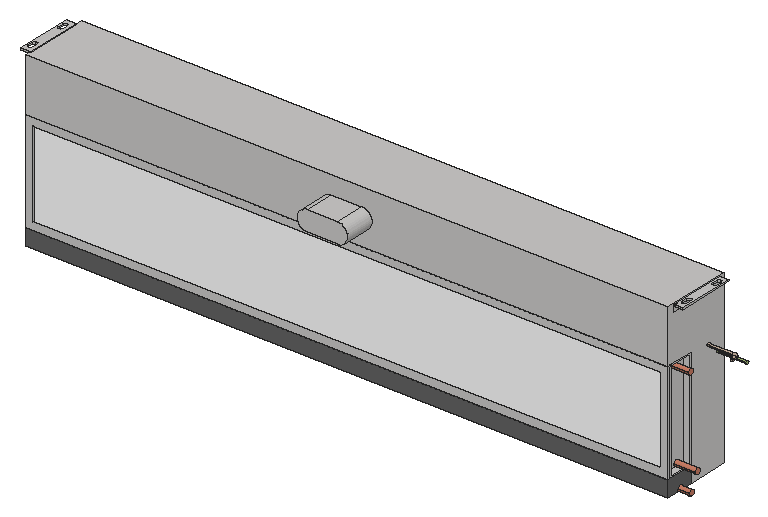
Revit family "HVAC-Chilled_Beam-Dadanco-ACB35", category Mechanical Equipment, Revit 2015
Parameters (values of type "6' Nominal Length")
  Zone Name [instance] = ""
  Zone ID [instance] = ""
  Weight = if(Nominal Unit Length = 2' 0", 27 lbf, if(Nominal Unit Length = 3' 0", 35 lbf, if(Nominal Unit Length = 4' 0", 42 lbf, if(Nominal Unit Length = 5' 0", 49 lbf, if(Nominal Unit Length = 6' 0", 56 lbf, 0 lbf)))))  # 56 lbf
  Unit Width = 0' - 7"  # constant formula
  Unit Weight = if(Nominal Unit Length = 2' 0", "27 lb", if(Nominal Unit Length = 3' 0", "35 lb", if(Nominal Unit Length = 4' 0", "42 lb", if(Nominal Unit Length = 5' 0", "49 lb", if(Nominal Unit Length = 6' 0", "56 lb", "0 lb")))))  # "56 lb"
  Unit Tag [instance] = ""
  Unit Length = if(Nominal Unit Length = 2' 0", 2' 0", if(Nominal Unit Length = 3' 0", 2' 8", if(Nominal Unit Length = 4' 0", 3' 4", if(Nominal Unit Length = 5' 0", 4' 4", if(Nominal Unit Length = 6' 0", 5' 4", 0' 0")))))  # 5' - 4"
  Unit Height = 1' - 5"  # constant formula
  URL = "http://www.dadanco.com/"
  Type Comments = "1-way Discharge Vertical Coil"
  Total Cooling Capacity = 0.0 Btu/h
  Supply Air = 0 CFM
  Sound Level dBA = ""
  Sound Level NC = ""
  Side Air Inlet [instance] = or(Primary Air Inlet Right, Primary Air Inlet Left)  # no
  Secondary Air Sensible Heating = 0.0 Btu/h
  Secondary Air Sensible Cooling = 0.0 Btu/h
  Screen Material = Metal-Dadanco-Aluminum-Screen
  SHHW Temperature = 0 °F
  SHHW Temp Out = 0 °F
  SHHW Pressure Drop [instance] = HWPD  # 0 Pa
  SHHW Flow [instance] = HWF  # 0 GPM
  SCHW Temperature = 0 °F
  SCHW Temp Out = 0 °F
  SCHW Pressure Drop [instance] = CWPD  # 0 Pa
  SCHW Flow [instance] = CWF  # 0 GPM
  Revision Date = "07/19/2010"  # constant formula
  Product Page URL = "http://www.activechilledbeam.com/efficient_air_conditioning.asp"
  Primary Air Static Pressure [instance] = PASP  # 0.00 in-wg
  Primary Air Inlet Size = 0' - 4"
  Primary Air Flow Rate [instance] = PA  # 0 CFM
  PASP = 0.00 in-wg
  PA = 0 CFM
  Overall Unit Length = Unit Length + 0' 2"  # 5' - 6"
  Nozzle Configuration = ""
  Nominal Unit Length = 6' - 0"
  Net Unit Heating Sensible = 0.0 Btu/h
  Net Unit Cooling Sensible = 0.0 Btu/h
  Model Number = ""
  Latent Cooling = 0.0 Btu/h
  Keynote = "23 37 00.A1"
  Heating Supply Air Temperature = 0 °F
  Heating Room Dry Bulb = 0 °F
  Heating Primary Air Dry Bulb = 0 °F
  HWPD = 0 Pa
  HWF = 0 GPM
  Front Back Air Inlet Height [instance] = Front Back Air Inlet Radius * 2  # 0' - 2"
  Side Air Inlet Round Radius = if(Primary Air Inlet Size = 0' 3", 0' 1 1/2", 0' 2")  # 0' - 2"
  Primary Air Inlet Right [instance] = no
  Front Back Air Inlet Radius = if(Primary Air Inlet Size = 0' 4", 0' 1", if(Primary Air Inlet Size = 0' 6", 0' 1 77/256", 0' 1"))  # 0' - 1"
  Front Back Air Inlet Length [instance] = if(Primary Air Inlet Size = 0' 4", 0' 5", if(Primary Air Inlet Size = 0' 6", 0' 7 205/256", 0' 5"))  # 0' - 5"
  Primary Air Inlet Left [instance] = no
  Primary Air Inlet Front [instance] = yes
  Primary Air Inlet Back [instance] = no
  Pipe Coil Outlet = if(and([4 Pipe Coil Configuration], [0.5 inch SWT Stub Coil Connection]), "4 Pipe Coi, 0.5 inch SWT Stub Coil Connection", if(and([2 Pipe Coil Configuration], [0.5 inch SWT Stub Coil Connection]), "2 Pipe Coi, 0.5 inch SWT Stub Coil Connection", if(and([4 Pipe Coil Configuration], [0.5 inch Male NPT Stub Coil Connection]), "4 Pipe Coi, 0.5 inch Male NPT Stub Coil Connection", if(and([2 Pipe Coil Configuration], [0.5 inch Male NPT Stub Coil Connection]), "2 Pipe Coi, 0.5 inch Male NPT Stub Coil Connection", if(and([4 Pipe Coil Configuration], [0.5 inch Female NPT Stub coil Connection]), "4 Pipe Coi, 0.5 inch Female NPT Stub Coil Connection", if(and([2 Pipe Coil Configuration], [0.5 inch Female NPT Stub coil Connection]), "2 Pipe Coi, 0.5 inch Female NPT Stub Coil Connection", "Not Specified"))))))  # "2 Pipe Coi, 0.5 inch SWT Stub Coil Connection"
  Pipe Coil Inlet = if(and([4 Pipe Coil Configuration], [0.5 inch SWT Stub Coil Connection]), "4 Pipe Coi, 0.5 inch SWT Stub Coil Connection", if(and([2 Pipe Coil Configuration], [0.5 inch SWT Stub Coil Connection]), "2 Pipe Coi, 0.5 inch SWT Stub Coil Connection", if(and([4 Pipe Coil Configuration], [0.5 inch Male NPT Stub Coil Connection]), "4 Pipe Coi, 0.5 inch Male NPT Stub Coil Connection", if(and([2 Pipe Coil Configuration], [0.5 inch Male NPT Stub Coil Connection]), "2 Pipe Coi, 0.5 inch Male NPT Stub Coil Connection", if(and([4 Pipe Coil Configuration], [0.5 inch Female NPT Stub coil Connection]), "4 Pipe Coi, 0.5 inch Female NPT Stub Coil Connection", if(and([2 Pipe Coil Configuration], [0.5 inch Female NPT Stub coil Connection]), "2 Pipe Coi, 0.5 inch Female NPT Stub Coil Connection", "Not Specified"))))))  # "2 Pipe Coi, 0.5 inch SWT Stub Coil Connection"
  Front Back Air Inlet [instance] = or(Primary Air Inlet Front, Primary Air Inlet Back)  # yes
  Drain Connection [instance] = yes
  Documentation Link = "http://www.dadanco.com/ACB/air_conditioning_literature.asp?productLineID=30"
  Drain Right [instance] = and(Drain, Coil Connection Right)  # yes
  Drain Left [instance] = and(Drain, Coil Connection Left)  # no
  Drain [instance] = Drain Connection  # yes
  Damper Lever Right [instance] = or(and(Primary Air Inlet Right, Damper), and(Primary Air Inlet Right, Damper), and(Front Back Air Inlet, Damper))  # yes
  Damper Lever Left [instance] = and(Damper, (not(Damper Lever Right)))  # no
  Cooling Supply Air Temperature = 0 °F
  Cooling Room Relative Humidity = 0
  Cooling Room Dry Bulb = 0 °F
  Cooling Primary Air Wet Bulb = 0 °F
  Cooling Primary Air Dry Bulb = 0 °F
  Comiss Tube Right [instance] = Coil Connection Right  # yes
  Comiss Tube Left [instance] = Coil Connection Left  # no
  Coil Connection Right [instance] = yes
  Coil Connection Left [instance] = not(Coil Connection Right)  # no
  Coil Length = if(Nominal Unit Length = 2' 0", 2' 0", if(Nominal Unit Length = 3' 0", 2' 8", if(Nominal Unit Length = 4' 0", 3' 4", if(Nominal Unit Length = 5' 0", 4' 4", if(Nominal Unit Length = 6' 0", 5' 4", 0' 0")))))  # 5' - 4"
  Model = "ACB35"  # constant formula
  Manufacturer = "Dadanco"  # constant formula
  Lint Screen = yes
  Housing Material = Metal-Dadanco-Steel-Galvanized
  Description = "Active Chilled Beam"  # constant formula
  Damper [instance] = yes
  Front Back Air Inlet Half Length [instance] = Front Back Air Inlet Length / 2  # 0' - 2 1/2"
  CWPD = 0 Pa
  CWF = 0 GPM
  Architectural Design Manual = "http://www.activechilledbeam.com/efficient_air_conditioning.asp"
  4 Pipe Coil Configuration Right [instance] = and([4 Pipe Coil Configuration], Coil Connection Right)  # no
  4 Pipe Coil Configuration Left [instance] = and([4 Pipe Coil Configuration], Coil Connection Left)  # no
  4 Pipe Coil Configuration = if([2 or 4 pipe] = 4, 1 = 1, 1 = 0)  # no
  2 or 4 pipe = 2
  2 Pipe Coil Configuration = if([2 or 4 pipe] = 2, 1 = 1, 1 = 0)  # yes
  Assembly Code = "D3040100"
  0.5 inch SWT Stub Coil Connection = not(or([0.5 inch Male NPT Stub Coil Connection], [0.5 inch Female NPT Stub coil Connection]))  # yes
  0.5 inch Male NPT Stub Coil Connection = no
  0.5 inch Female NPT Stub coil Connection = no
Reference planes (in)
  plane 1 "Center (Front/Back)": y = 5.39627
  plane 2 "Top of Coil Unit": z = -5.293
  plane 3 "Center (Left/Right)": x = 0.55581
  plane 4 "Nominal Right": x = 33.55581
  plane 5 "Back Face": y = 8.89627
  plane 6 "Front Face": y = 1.89627
  plane 7 "Top Face": z = 0
  plane 8 "Bottom Face": z = -17
  plane 9 "Nominal Left": x = -32.44419
  plane 10 "Left Face": x = -31.44419
  plane 11 "Right Face": x = 32.55581
  plane 12 "Back Face of Coil Unit": y = 4.74627
  plane 13 "Top of Drain Unit": z = -15.37
  plane 14 "Left End of Coil": x = -30.69419
  plane 15 "Right End of Coil": x = 31.80581
  plane 16 "Side Air Inlet Centerline": z = -2.75
  plane 17 "Front Back Air Inlet Centerline": z = -3.621
  plane 18 "Top Pipe Centerline Horizontal": z = -5.668
  plane 19 "Top Pipe Centerline Vertical": y = 2.89627
  plane 20 "Bottom Pipe Centerline Horizontal": z = -14.918
  plane 21 "Bottom Pipe Centerline Vertical": y = 3.74128
  plane 22 "4 Pipe Upper Centerline": z = -8.793
  plane 23 "4 Pipe Lower Centerline": z = -12.543
  plane 24 "Comiss Tube Centerline Horizontal": z = -6.535
  plane 25 "Comiss Tube Centerline Vertical": y = 8.01727
  plane 26 "Damper Level Centerline Vertical": y = 6.82127
  plane 27 "Damper Lever Centerline Horizontal": z = -5.441
  plane 28 "Top of Side Air Inlets": z = -0.75
  plane 29 "Bottom of Side Air Inlet": z = -4.75
  plane 30 "Left Edge of Front Back Air Inlet": x = -1.94419
  plane 31 "Right Edge of Front Back Air Inlet": x = 3.05581
  plane 32 "Bottom of Front Back Air Inlet": z = -3.75
  plane 33 "Top of Front Back Air Inlet": z = -1.75
Forms (in)
  Extrusion 1, solid, material "Metal-Dadanco-Steel-Galvanized" <- "Housing Material"
    sketch origin (0.55581, 0, -17) x (0, 1, 0) y (0, 0, 1)
      loop
        line (1.89627, 17) -> (1.89627, 11.707) -> (4.74627, 11.707) -> (4.74627, 0) -> (8.89627, 0) -> (8.89627, 17) -> (1.89627, 17)
    from -32 to 32
  Extrusion 2, solid, material "Metal-Dadanco-Steel-Galvanized Black Powder Coat Finish"
    sketch origin (0.55581, 0, -17) x (0, 1, 0) y (0, 0, 1)
      loop
        line (1.89627, 0) -> (4.74627, 0) -> (4.74627, 1.63) -> (1.89627, 1.63) -> (1.89627, 0)
    from -32 to 32
  Extrusion 3, solid, material "Metal-Dadanco-Steel-Galvanized" <- "Housing Material"
    sketch origin (-28.20106, 1.89627, 31) x (-1, 0, 0) y (0, 0, -1)
      loop
        line (3.24312, 46.37) -> (-60.75688, 46.37) -> (-60.75688, 36.293) -> (3.24312, 36.293) -> (3.24312, 46.37)
      loop
        line (2.49312, 45.62) -> (-60.00688, 45.62) -> (-60.00688, 37.043) -> (2.49312, 37.043) -> (2.49312, 45.62)
    from -0.25 to 0
  Extrusion 4, solid, material "Metal-Dadanco-Steel-Galvanized" <- "Housing Material"
    sketch origin (31.80581, -32.70874, 31) x (0, -1, 0) y (0, 0, 1)
      loop
        line (-34.85501, -46.37) -> (-34.85501, -36.293) -> (-37.45501, -36.293) -> (-37.45501, -46.37) -> (-34.85501, -46.37)
    from -0.75 to 63.25
  Extrusion 5, solid, material "Metal-Dadanco-Aluminum-Screen", visible <- "Lint Screen"
    sketch origin (-28.20106, 1.89627, 31) x (-1, 0, 0) y (0, 0, -1)
      loop
        line (2.49312, 45.62) -> (-60.00688, 45.62) -> (-60.00688, 37.043) -> (2.49312, 37.043) -> (2.49312, 45.62)
    from -0.25 to -0.125
  Extrusion 6, solid, material "Metal-Dadanco-Steel-Galvanized" <- "Housing Material", visible <- "Primary Air Inlet Left", detail levels medium+fine
    sketch origin (0.55581, 5.39627, -17) x (0, -1, 0) y (0, 0, 1)
      loop
        circle (0, 14.25) r 2
    from 32 to 35
  Extrusion 7, solid, material "Metal-Dadanco-Copper-Satin", visible <- "Drain Right", detail levels medium+fine
    sketch origin (0.55581, 5.39627, -17) x (0, 1, 0) y (0, 0, 1)
      loop
        circle (-2.075, 0.25) r 0.25
    from 32 to 33.25
  Extrusion 8, solid, material "Metal-Dadanco-Copper-Satin", visible <- "Coil Connection Right", detail levels medium+fine
    sketch origin (0.55581, 5.39627, -17) x (0, 1, 0) y (0, 0, 1)
      loop
        circle (-2.5, 11.332) r 0.25
    from 31.25 to 33.5
  Extrusion 9, solid, material "Metal-Dadanco-Copper-Satin", visible <- "Coil Connection Right", detail levels medium+fine
    sketch origin (0.55581, 5.39627, -17) x (0, 1, 0) y (0, 0, 1)
      loop
        circle (-1.65499, 2.082) r 0.25
    from 31.25 to 33.5
  Extrusion 10, solid, material "Metal-Dadanco-Copper-Satin", visible <- "4 Pipe Coil Configuration Right", detail levels medium+fine
    sketch origin (0.55581, 5.39627, -17) x (0, 1, 0) y (0, 0, 1)
      loop
        circle (-1.65499, 8.207) r 0.25
    from 31.25 to 33.5
  Extrusion 11, solid, material "Metal-Dadanco-Copper-Satin", visible <- "4 Pipe Coil Configuration Right", detail levels medium+fine
    sketch origin (0.55581, 5.39627, -17) x (0, 1, 0) y (0, 0, 1)
      loop
        circle (-1.65499, 4.457) r 0.25
    from 31.25 to 33.5
  Extrusion 12, solid, material "Metal-Dadanco-Copper-Platina", visible <- "Comiss Tube Right", detail levels medium+fine
    sketch origin (32.55581, -4.5755, 19) x (0, 1, 0) y (0, 0, -1)
      loop
        circle (12.59277, 25.535) r 0.125
    from -3 to 0
  Extrusion 13, solid, material "Metal-Dadanco-Steel-Galvanized" <- "Housing Material", visible <- "Primary Air Inlet Front"
    sketch origin (0.30581, 5.39627, -17) x (1, 0, 0) y (0, 0, 1)
      loop
        line (1.75, 15.25) -> (-1.25, 15.25)
        arc (-1.25, 15.25) -> (-2.25, 14.25) -> (-1.25, 13.25) r 1
        line (-1.25, 13.25) -> (1.75, 13.25)
        arc (1.75, 13.25) -> (2.75, 14.25) -> (1.75, 15.25) r 1
    from 3.5 to 6.5
  Sweep 14, solid, material "Metal-Dadanco-Aluminum-Anodized Bronze", visible <- "Damper Lever Right", detail levels medium+fine
    path origin (0.55581, 6.82127, 0) x (0, -1, 0) y (1, 0, 0)
      loop
        line (0, 32) -> (0, 34.625)
        arc (0, 34.625) -> (0.10983, 34.89017) -> (0.375, 35) r 0.375
        line (0.375, 35) -> (0.75, 35)
    profile origin (33.86831, 6.82127, 0) x (0, 1, 0) y (0, 0, 1)
      loop
        circle (0, -5.441) r 0.125
  Extrusion 15, void
    sketch origin (0, 0, -5.441) x (0, -1, 0) y (1, 0, 0)
      loop
        line (-8.77127, -31.31919) -> (-4.74627, -31.31919) -> (-4.74627, 32.43081) -> (-8.77127, 32.43081) -> (-8.77127, -31.31919)
    from -11.559 to 0.148
  Extrusion 16, void
    sketch origin (0.55581, 0, 0) x (0, 1, 0) y (0, 0, 1)
      loop
        line (2.24002, -15.27625) -> (4.65252, -15.27625) -> (4.65252, -5.38675) -> (2.24002, -5.38675) -> (2.24002, -15.27625)
    from 31.25 to 32
  Extrusion 17, void
    sketch origin (-31.44419, -4.5755, 36) x (0, -1, 0) y (0, 0, 1)
      loop
        line (-9.22802, -51.27625) -> (-6.81552, -51.27625) -> (-6.81552, -41.38675) -> (-9.22802, -41.38675) -> (-9.22802, -51.27625)
    from -0.75 to 0
  Extrusion 18, solid, material "Metal-Dadanco-Steel-Galvanized" <- "Housing Material", visible <- "Primary Air Inlet Back", detail levels medium+fine
    sketch origin (0.30581, 18.14627, -17) x (1, 0, 0) y (0, 0, 1)
      loop
        line (1.75, 15.25) -> (-1.25, 15.25)
        arc (-1.25, 15.25) -> (-2.25, 14.25) -> (-1.25, 13.25) r 1
        line (-1.25, 13.25) -> (1.75, 13.25)
        arc (1.75, 13.25) -> (2.75, 14.25) -> (1.75, 15.25) r 1
    from 6.25 to 9.25
  Extrusion 19, solid, material "Metal-Dadanco-Steel-Galvanized" <- "Housing Material", visible <- "Primary Air Inlet Right", detail levels medium+fine
    sketch origin (49.80581, 5.39627, -17) x (0, -1, 0) y (0, 0, 1)
      loop
        circle (0, 14.25) r 2
    from 14.25 to 17.25
  Extrusion 20, solid, material "Metal-Dadanco-Copper-Satin", visible <- "Drain Left", detail levels medium+fine
    sketch origin (0.55581, 5.39627, -17) x (0, 1, 0) y (0, 0, -1)
      loop
        circle (-2.075, -0.25) r 0.25
    from 32 to 33.25
  Extrusion 21, solid, material "Metal-Dadanco-Copper-Satin", visible <- "Coil Connection Left", detail levels medium+fine
    sketch origin (0.55581, 5.39627, -17) x (0, 1, 0) y (0, 0, -1)
      loop
        circle (-2.5, -11.332) r 0.25
    from 31.25 to 33.5
  Extrusion 22, solid, material "Metal-Dadanco-Copper-Satin", visible <- "Coil Connection Left", detail levels medium+fine
    sketch origin (0.55581, 5.39627, -17) x (0, 1, 0) y (0, 0, -1)
      loop
        circle (-1.65499, -2.082) r 0.25
    from 31.25 to 33.5
  Extrusion 23, solid, material "Metal-Dadanco-Copper-Satin", visible <- "4 Pipe Coil Configuration Left", detail levels medium+fine
    sketch origin (0.55581, 5.39627, -17) x (0, 1, 0) y (0, 0, -1)
      loop
        circle (-1.65499, -8.207) r 0.25
    from 31.25 to 33.5
  Extrusion 24, solid, material "Metal-Dadanco-Copper-Satin", visible <- "4 Pipe Coil Configuration Left", detail levels medium+fine
    sketch origin (0.55581, 5.39627, -17) x (0, 1, 0) y (0, 0, -1)
      loop
        circle (-1.65499, -4.457) r 0.25
    from 31.25 to 33.5
  Sweep 25, solid, material "Metal-Dadanco-Aluminum-Anodized Bronze", visible <- "Damper Lever Left", detail levels medium+fine
    path origin (0.55581, 6.82127, 0) x (0, -1, 0) y (1, 0, 0)
      loop
        line (0, -32) -> (0, -34.625)
        arc (0, -34.625) -> (0.10983, -34.89017) -> (0.375, -35) r 0.375
        line (0.375, -35) -> (0.75, -35)
    profile origin (-32.75669, 6.82127, 0) x (0, -1, 0) y (0, 0, 1)
      loop
        circle (0, -5.441) r 0.125
  Extrusion 26, solid, material "Metal-Dadanco-Copper-Platina", visible <- "Comiss Tube Left", detail levels medium+fine
    sketch origin (-19.44419, -4.5755, 19) x (0, 1, 0) y (0, 0, 1)
      loop
        circle (12.59277, -25.535) r 0.125
    from -15 to -12
Cuts and joins
  Extrusion 15, Extrusion 16, Extrusion 17 cuts Extrusion 1
  Extrusion 16, Extrusion 17 cuts Extrusion 4
Lines and regions (in)
  Masking region 1
    outline origin (0, 0, 0) x (0, 1, 0) y (-1, 0, 0)
      loop
        line (1.89627, 31.44419) -> (1.89627, -32.55581) -> (8.89627, -32.55581) -> (8.89627, 31.44419) -> (1.89627, 31.44419)
  Masking region 2, detail levels medium+fine
    outline origin (0, 0, 0) x (0, 1, 0) y (-1, 0, 0)
      loop
        line (2.52127, 32.44419) -> (2.52127, 31.44419) -> (8.27127, 31.44419) -> (8.27127, 32.44419) -> (2.52127, 32.44419)
  Masking region 3, detail levels medium+fine
    outline origin (0, 0, 0) x (0, 1, 0) y (-1, 0, 0)
      loop
        line (2.52127, -32.55581) -> (2.52127, -33.55581) -> (8.27127, -33.55581) -> (8.27127, -32.55581) -> (2.52127, -32.55581)
  Masking region 4, visible <- "Primary Air Inlet Front", detail levels medium+fine
    outline origin (0, 0, -3.621) x (1, 0, 0) y (0, 1, 0)
      loop
        line (-1.94419, -1.10373) -> (3.05581, -1.10373) -> (3.05581, 1.89627) -> (-1.94419, 1.89627) -> (-1.94419, -1.10373)
  Masking region 5
    outline origin (-28.20106, 8.89627, 31) x (-1, 0, 0) y (0, 0, 1)
      loop
        line (-60.75688, -48) -> (3.24312, -48) -> (3.24312, -31) -> (-60.75688, -31) -> (-60.75688, -48)
  Masking region 6
    outline origin (-28.20106, 1.89627, 31) x (-1, 0, 0) y (0, 0, 1)
      loop
        line (3.24312, -48) -> (3.24312, -31) -> (-60.75688, -31) -> (-60.75688, -48) -> (3.24312, -48)
  Masking region 7, visible <- "Primary Air Inlet Left", detail levels medium+fine
    outline origin (0, 5.39627, -17) x (1, 0, 0) y (0, 0, 1)
      loop
        line (-34.44419, 12.25) -> (-31.44419, 12.25) -> (-31.44419, 16.25) -> (-34.44419, 16.25) -> (-34.44419, 12.25)
  Masking region 8, detail levels medium+fine
    outline origin (0, 0, 0) x (0, 1, 0) y (-1, 0, 0)
      loop
        line (2.52127, 32.44419) -> (2.52127, 31.44419) -> (8.27127, 31.44419) -> (8.27127, 32.44419) -> (2.52127, 32.44419)
  Masking region 9
    outline origin (32.55581, -4.5755, 36) x (0, 1, 0) y (0, 0, 1)
      loop
        line (13.47177, -36) -> (6.47177, -36) -> (6.47177, -53) -> (13.47177, -53) -> (13.47177, -36)
  Masking region 10, visible <- "Primary Air Inlet Front", detail levels medium+fine
    outline origin (0.55581, 0, 0) x (0, 1, 0) y (0, 0, 1)
      loop
        line (-1.10373, -3.75) -> (1.89627, -3.75) -> (1.89627, -1.75) -> (-1.10373, -1.75) -> (-1.10373, -3.75)
  Masking region 11, visible <- "Primary Air Inlet Right", detail levels medium+fine
    outline origin (48, 5.39627, -17) x (1, 0, 0) y (0, 0, 1)
      loop
        line (-15.44419, 12.25) -> (-12.44419, 12.25) -> (-12.44419, 16.25) -> (-15.44419, 16.25) -> (-15.44419, 12.25)
  Masking region 12, visible <- "Primary Air Inlet Back", detail levels medium+fine
    outline origin (0.55581, 0, 0) x (0, 1, 0) y (0, 0, 1)
      loop
        line (8.89627, -3.75) -> (11.89627, -3.75) -> (11.89627, -1.75) -> (8.89627, -1.75) -> (8.89627, -3.75)
  Masking region 13, visible <- "Coil Connection Right", detail levels medium+fine
    outline origin (0, 2.89627, 0) x (0, 0, 1) y (1, 0, 0)
      loop
        line (-5.918, 32.55581) -> (-5.38675, 32.55581) -> (-5.38675, 34.05581) -> (-5.918, 34.05581) -> (-5.918, 32.55581)
  Masking region 14, visible <- "Comiss Tube Right", detail levels medium+fine
    outline origin (0, 8.01727, 0) x (0, 0, -1) y (1, 0, 0)
      loop
        line (6.66, 32.55581) -> (6.66, 35.55581) -> (6.4138, 35.55581) -> (6.4138, 32.55581) -> (6.66, 32.55581)
  Masking region 15, visible <- "4 Pipe Coil Configuration Right", detail levels medium+fine
    outline origin (0, 3.74128, 0) x (0, 0, -1) y (1, 0, 0)
      loop
        line (9.04303, 32.55581) -> (9.04303, 34.05581) -> (8.543, 34.05581) -> (8.543, 32.55581) -> (9.04303, 32.55581)
  Masking region 16, visible <- "4 Pipe Coil Configuration Right", detail levels medium+fine
    outline origin (0, 3.74128, 0) x (0, 0, -1) y (1, 0, 0)
      loop
        line (12.78289, 32.55581) -> (12.78289, 34.05581) -> (12.293, 34.05581) -> (12.293, 32.55581) -> (12.78289, 32.55581)
  Masking region 17, visible <- "Coil Connection Right", detail levels medium+fine
    outline origin (0, 3.74128, 0) x (0, 0, -1) y (1, 0, 0)
      loop
        line (15.27625, 32.55581) -> (15.27625, 34.05581) -> (14.668, 34.05581) -> (14.668, 32.55581) -> (15.27625, 32.55581)
  Masking region 18, visible <- "Drain Right"
    outline origin (0, 3.74128, 0) x (0, 0, -1) y (1, 0, 0)
      loop
        line (17, 32.55581) -> (17, 33.80581) -> (16.5, 33.80581) -> (16.5, 32.55581) -> (17, 32.55581)
  Masking region 19, visible <- "Damper Lever Right", detail levels medium+fine
    outline origin (0, 6.82127, 0) x (0, 0, -1) y (1, 0, 0)
      loop
        line (5.566, 32.55581) -> (5.566, 35.55581)
        arc (5.566, 35.55581) -> (5.441, 35.68081) -> (5.316, 35.55581) r 0.125
        line (5.316, 35.55581) -> (5.316, 32.55581) -> (5.566, 32.55581)
  Masking region 20, visible <- "Damper Lever Left"
    outline origin (0, 6.82127, 0) x (0, 0, -1) y (1, 0, 0)
      loop
        line (5.566, -31.44419) -> (5.32075, -31.44419) -> (5.32075, -34.47832)
        arc (5.32075, -34.47832) -> (5.44337, -34.60094) -> (5.566, -34.47832) r 0.12263
        line (5.566, -34.47832) -> (5.566, -31.44419)
  Masking region 21, visible <- "Coil Connection Left", detail levels medium+fine
    outline origin (0, 2.89627, 0) x (0, 0, 1) y (1, 0, 0)
      loop
        line (-5.918, -32.94419) -> (-5.38675, -32.94419) -> (-5.38675, -31.44419) -> (-5.918, -31.44419) -> (-5.918, -32.94419)
  Masking region 22, visible <- "4 Pipe Coil Configuration Left", detail levels medium+fine
    outline origin (0, 3.74128, 0) x (0, 0, -1) y (1, 0, 0)
      loop
        line (9.043, -32.94419) -> (9.043, -31.44419) -> (8.52981, -31.44419) -> (8.52981, -32.94419) -> (9.043, -32.94419)
  Masking region 23, visible <- "Coil Connection Left", detail levels medium+fine
    outline origin (0, 6.82127, 0) x (0, 0, -1) y (1, 0, 0)
      loop
        line (15.168, -32.94419) -> (15.168, -31.44419) -> (14.65919, -31.44419) -> (14.65919, -32.94419) -> (15.168, -32.94419)
  Masking region 24, visible <- "Drain Left", detail levels medium+fine
    outline origin (0, 3.74128, 0) x (0, 0, -1) y (1, 0, 0)
      loop
        line (17, -32.69419) -> (17, -31.44419) -> (16.5, -31.44419) -> (16.5, -32.69419) -> (17, -32.69419)
  Masking region 25, visible <- "4 Pipe Coil Configuration Left", detail levels medium+fine
    outline origin (0, 3.74128, 0) x (0, 0, -1) y (1, 0, 0)
      loop
        line (12.793, -32.94419) -> (12.793, -31.44419) -> (12.29639, -31.44419) -> (12.29639, -32.94419) -> (12.793, -32.94419)
  Masking region 26, visible <- "Coil Connection Right", detail levels medium+fine
    outline origin (0, 0, -5.668) x (0, -1, 0) y (1, 0, 0)
      loop
        line (-3.99204, 33.55581) -> (-3.49128, 33.55581) -> (-3.49128, 34.05581) -> (-3.99204, 34.05581) -> (-3.99204, 33.55581)
  Masking region 27, visible <- "Coil Connection Right", detail levels medium+fine
    outline origin (0, 0, -5.441) x (0, -1, 0) y (1, 0, 0)
      loop
        line (-2.64542, 33.55581) -> (-2.64542, 34.05581) -> (-3.14627, 34.05581) -> (-3.14627, 33.55581) -> (-2.64542, 33.55581)
  Masking region 28, detail levels medium+fine
    outline origin (0, 0, -6.535) x (0, -1, 0) y (1, 0, 0)
      loop
        line (-7.89268, 33.55581) -> (-7.89268, 35.55581) -> (-8.14227, 35.55581) -> (-8.14227, 33.55581) -> (-7.89268, 33.55581)
  Masking region 29, visible <- "Damper Lever Right", detail levels medium+fine
    outline origin (0, 0, -5.441) x (0, -1, 0) y (1, 0, 0)
      loop
        line (-6.69505, 33.55581) -> (-6.69505, 35.55581) -> (-6.94505, 35.55581) -> (-6.94505, 33.55581) -> (-6.69505, 33.55581)
  Masking region 30, visible <- "Coil Connection Left", detail levels medium+fine
    outline origin (0, 0, -5.668) x (0, -1, 0) y (1, 0, 0)
      loop
        line (-3.49128, -32.94419) -> (-3.49128, -32.44419) -> (-3.99146, -32.44419) -> (-3.99146, -32.94419) -> (-3.49128, -32.94419)
  Masking region 31, visible <- "Coil Connection Left", detail levels medium+fine
    outline origin (0, 0, -14.918) x (0, -1, 0) y (1, 0, 0)
      loop
        line (-2.64627, -32.94419) -> (-2.64627, -32.44419) -> (-3.14348, -32.44419) -> (-3.14348, -32.94419) -> (-2.64627, -32.94419)
  Masking region 32, visible <- "Primary Air Inlet Back", detail levels medium+fine
    outline origin (0, 0, -3.621) x (1, 0, 0) y (0, 1, 0)
      loop
        line (-1.94419, 11.89627) -> (-1.94419, 8.89627) -> (3.05581, 8.89627) -> (3.05581, 11.89627) -> (-1.94419, 11.89627)
  Masking region 33, visible <- "Comiss Tube Left", detail levels medium+fine
    outline origin (0, 6.82127, 0) x (0, 0, -1) y (1, 0, 0)
      loop
        line (6.66, -34.44419) -> (6.66, -31.44419) -> (6.41, -31.44419) -> (6.41, -34.44419) -> (6.66, -34.44419)
  Masking region 34, visible <- "Comiss Tube Left", detail levels medium+fine
    outline origin (0, 8.01727, 0) x (0, 0, -1) y (1, 0, 0)
      loop
        line (6.66, -34.44419) -> (6.66, -31.44419) -> (6.41, -31.44419) -> (6.41, -34.44419) -> (6.66, -34.44419)
  Masking region 35, visible <- "Primary Air Inlet Left", detail levels medium+fine
    outline origin (0, 0, -2.75) x (0, -1, 0) y (1, 0, 0)
      loop
        line (-3.39627, -34.44419) -> (-3.39627, -31.44419) -> (-7.39627, -31.44419) -> (-7.39627, -34.44419) -> (-3.39627, -34.44419)
  Masking region 36, visible <- "Primary Air Inlet Right", detail levels medium+fine
    outline origin (0, 0, -2.75) x (0, -1, 0) y (1, 0, 0)
      loop
        line (-7.39627, 35.55581) -> (-7.39627, 32.55581) -> (-3.39627, 32.55581) -> (-3.39627, 35.55581) -> (-7.39627, 35.55581)
  Masking region 37, visible <- "Damper Lever Left", detail levels medium+fine
    outline origin (0, 0, -5.441) x (0, -1, 0) y (1, 0, 0)
      loop
        line (-6.94637, -32.44419) -> (-6.94637, -34.44419) -> (-6.69641, -34.44419) -> (-6.69641, -32.44419) -> (-6.94637, -32.44419)
  reference lines
    curve 1: line (2.05581, 5.39627, -4.61547) -> (2.05581, 5.39627, -0.86547)
    curve 2: line (-0.94419, 5.39627, -4.61547) -> (-0.94419, 5.39627, -1.36547)
    curve 3: line (0.55581, 3.32127, -0.73487) -> (0.55581, 3.32127, -15.73487)
  symbolic lines, detail levels fine
    curve 4: arc (32.86831, 7.52127, 0) -> (33.11831, 7.77127, 0) -> (33.36831, 7.52127, 0) r 0.25
    curve 5: line (32.86831, 7.52127, 0) -> (32.86831, 7.02127, 0)
    curve 6: arc (33.36831, 7.02127, 0) -> (33.11831, 6.77127, 0) -> (32.86831, 7.02127, 0) r 0.25
    curve 7: line (33.36831, 7.02127, 0) -> (33.36831, 7.52127, 0)
    curve 8: arc (32.86831, 3.77127, 0) -> (33.11831, 4.02127, 0) -> (33.36831, 3.77127, 0) r 0.25
    curve 9: line (33.36831, 3.27127, 0) -> (33.36831, 3.77127, 0)
    curve 10: arc (33.36831, 3.27127, 0) -> (33.11831, 3.02127, 0) -> (32.86831, 3.27127, 0) r 0.25
    curve 11: line (32.86831, 3.77127, 0) -> (32.86831, 3.27127, 0)
    curve 13: line (33.55581, 8.89627, 0) -> (33.55581, 8.89627, -0.125)
    curve 14: line (33.55581, 8.89627, -0.125) -> (32.68081, 8.89627, -0.125)
    curve 15: line (32.68081, 8.89627, -0.125) -> (32.68081, 8.89627, -0.625)
    curve 16: line (32.68081, 8.89627, -0.625) -> (32.55581, 8.89627, -0.625)
    curve 18: line (-32.44419, 8.89627, 0) -> (-32.44419, 8.89627, -0.125)
    curve 19: line (-32.44419, 8.89627, -0.125) -> (-31.56919, 8.89627, -0.125)
    curve 20: line (-31.56919, 8.89627, -0.125) -> (-31.56919, 8.89627, -0.625)
    curve 21: line (-31.56919, 8.89627, -0.625) -> (-31.44419, 8.89627, -0.625)
    curve 29: line (33.55581, 1.89627, 0) -> (33.55581, 1.89627, -0.125)
    curve 30: line (33.55581, 1.89627, -0.125) -> (32.68081, 1.89627, -0.125)
    curve 31: line (32.68081, 1.89627, -0.125) -> (32.68081, 1.89627, -0.625)
    curve 32: line (32.68081, 1.89627, -0.625) -> (32.55581, 1.89627, -0.625)
    curve 34: line (-32.44419, 1.89627, 0) -> (-32.44419, 1.89627, -0.125)
    curve 35: line (-32.44419, 1.89627, -0.125) -> (-31.56919, 1.89627, -0.125)
    curve 36: line (-31.56919, 1.89627, -0.125) -> (-31.56919, 1.89627, -0.625)
    curve 37: line (-31.56919, 1.89627, -0.625) -> (-31.44419, 1.89627, -0.625)
    curve 38: line (-32.25669, 7.52127, 0) -> (-32.25669, 7.02127, 0)
    curve 39: arc (-32.25669, 7.52127, 0) -> (-32.00669, 7.77127, 0) -> (-31.75669, 7.52127, 0) r 0.25
    curve 40: line (-31.75669, 7.02127, 0) -> (-31.75669, 7.52127, 0)
    curve 41: arc (-31.75669, 7.02127, 0) -> (-32.00669, 6.77127, 0) -> (-32.25669, 7.02127, 0) r 0.25
    curve 42: arc (-32.25669, 3.77127, 0) -> (-32.00669, 4.02127, 0) -> (-31.75669, 3.77127, 0) r 0.25
    curve 43: line (-32.25669, 3.77127, 0) -> (-32.25669, 3.27127, 0)
    curve 44: arc (-31.75669, 3.27127, 0) -> (-32.00669, 3.02127, 0) -> (-32.25669, 3.27127, 0) r 0.25
    curve 45: line (-31.75669, 3.27127, 0) -> (-31.75669, 3.77127, 0)
    curve 46: line (-30.69419, 1.89627, -14.62) -> (31.80581, 1.89627, -14.62)
    curve 47: line (-30.69419, 1.89627, -6.043) -> (-30.69419, 1.89627, -14.62)
    curve 48: line (31.80581, 1.89627, -6.043) -> (-30.69419, 1.89627, -6.043)
    curve 49: line (31.80581, 1.89627, -14.62) -> (31.80581, 1.89627, -6.043)
    curve 67: line (32.55581, 8.27127, -0.125) -> (32.55581, 2.52127, -0.125)
  symbolic lines, detail levels medium+fine
    curve 12: line (32.55581, 8.89627, 0) -> (33.55581, 8.89627, 0)
    curve 17: line (-31.44419, 8.89627, 0) -> (-32.44419, 8.89627, 0)
    curve 22: line (-30.19419, 1.89627, -14.62) -> (-30.69419, 1.89627, -14.62)
    curve 23: line (-30.19419, 1.89627, -6.043) -> (-30.19419, 1.89627, -14.62)
    curve 24: line (-30.69419, 1.89627, -6.043) -> (-30.19419, 1.89627, -6.043)
    curve 25: line (-30.69419, 1.89627, -14.62) -> (-30.69419, 1.89627, -6.043)
    curve 26: line (-31.44419, 1.89627, -15.37) -> (32.55581, 1.89627, -15.37)
    curve 27: line (-31.44419, 1.89627, -5.293) -> (32.55581, 1.89627, -5.293)
    curve 28: line (32.55581, 1.89627, 0) -> (33.55581, 1.89627, 0)
    curve 33: line (-31.44419, 1.89627, 0) -> (-32.44419, 1.89627, 0)
    curve 54: line (32.55581, 1.89627, -5.293) -> (32.55581, 4.74627, -5.293)
    curve 55: line (32.55581, 4.74627, -5.293) -> (32.55581, 4.74627, -17)
    curve 56: line (32.55581, 4.74627, -15.37) -> (32.55581, 1.89627, -15.37)
    curve 57: line (32.55581, 2.14627, -15.37) -> (32.55581, 2.14627, -5.293)
    curve 58: circle (-30.69419, 2.89627, -5.668) r 0.25 normal (1, 0, 0)
    curve 61: circle (-30.69419, 3.74128, -14.918) r 0.25 normal (1, 0, 0)
    curve 62: circle (32.55581, 3.32127, -16.75) r 0.25 normal (1, 0, 0)
    curve 63: circle (-31.44419, 8.01727, -6.535) r 0.125 normal (1, 0, 0)
    curve 64: line (32.55581, 2.52127, 0) -> (32.55581, 2.52127, -0.625)
    curve 65: line (32.55581, 2.52127, -0.625) -> (32.55581, 8.27127, -0.625)
    curve 66: line (32.55581, 8.27127, -0.625) -> (32.55581, 8.27127, 0)
  symbolic lines, visible <- "Primary Air Inlet Front", detail levels medium+fine
    curve 50: line (2.05581, 1.89627, -1.76478) -> (-0.94419, 1.89627, -1.76478)
    curve 51: arc (-0.94419, 1.89627, -1.76478) -> (-1.94419, 1.89627, -2.76478) -> (-0.94419, 1.89627, -3.76478) r 1
    curve 52: line (-0.94419, 1.89627, -3.76478) -> (2.05581, 1.89627, -3.76478)
    curve 53: arc (2.05581, 1.89627, -3.76478) -> (3.05581, 1.89627, -2.76478) -> (2.05581, 1.89627, -1.76478) r 1
  symbolic lines, visible <- "4 Pipe Coil Configuration", detail levels medium+fine
    curve 59: circle (-30.69419, 3.74128, -8.793) r 0.25 normal (1, 0, 0)
    curve 60: circle (-30.69419, 3.74128, -12.543) r 0.25 normal (1, 0, 0)
  symbolic lines, visible <- "Damper", detail levels medium+fine
    curve 68: line (32.55581, 6.82127, -5.588) -> (32.55581, 6.07127, -5.588)
    curve 69: line (32.55581, 6.07127, -5.588) -> (32.55581, 6.07127, -5.294)
    curve 70: line (32.55581, 6.07127, -5.294) -> (32.55581, 6.82127, -5.294)
    curve 71: arc (32.55581, 6.82127, -5.294) -> (32.55581, 6.96827, -5.441) -> (32.55581, 6.82127, -5.588) r 0.147
    curve 72: line (33.55581, 6.69505, -5.441) -> (33.55581, 6.94505, -5.441)
  symbolic lines, visible <- "Side Air Inlet", detail levels medium+fine
    curve 73: arc (32.55581, 3.39627, -2.75) -> (32.55581, 5.39627, -0.75) -> (32.55581, 7.39627, -2.75) r 2
    curve 74: arc (32.55581, 7.39627, -2.75) -> (32.55581, 5.39627, -4.75) -> (32.55581, 3.39627, -2.75) r 2
Dimensions and locks (in)
  "Unit Width": plane 6 "Front Face" to plane 5 "Back Face"
  equal spacing: plane 6 "Front Face", plane 1 "Center (Front/Back)", plane 5 "Back Face"
  "Unit Length": plane 10 "Left Face" to plane 11 "Right Face"
  equal spacing: plane 10 "Left Face", plane 3 "Center (Left/Right)", plane 11 "Right Face"
  locked: plane 9 "Nominal Left" to plane 10 "Left Face" at 1
  locked: plane 11 "Right Face" to plane 4 "Nominal Right" at 1
  "Unit Height": plane 7 "Top Face" to plane 8 "Bottom Face"
  locked: plane 7 "Top Face" to plane 2 "Top of Coil Unit" at 5.293
  locked: plane 13 "Top of Drain Unit" to plane 8 "Bottom Face" at 1.63
  locked: plane 12 "Back Face of Coil Unit" to plane 5 "Back Face" at 4.15
  locked: Extrusion 1 to Extrusion 3 sketch curve at 0.75  (x3)
  locked: Extrusion 3 sketch curve to Extrusion 2 at 0.75
  locked: Extrusion 3 to Extrusion 3 at 0.25
  locked: plane 10 "Left Face" to plane 14 "Left End of Coil" at 0.75
  locked: plane 15 "Right End of Coil" to plane 11 "Right Face" at 0.75
  locked: Extrusion 5 to Extrusion 5 at 0.125
  locked: plane 7 "Top Face" to plane 16 "Side Air Inlet Centerline" at 2.75
  locked: Extrusion 6 to Extrusion 6 at 3
  locked: plane 17 "Front Back Air Inlet Centerline" to plane 7 "Top Face" at 3.621
  equal spacing: plane 6 "Front Face", curve 3, plane 12 "Back Face of Coil Unit"
  locked: Extrusion 7 to Extrusion 7 at 1.25
  plane 19 "Top Pipe Centerline Vertical" to plane 5 "Back Face" = 0' - 6"
  locked: plane 2 "Top of Coil Unit" to plane 18 "Top Pipe Centerline Horizontal" at 0.375
  locked: Extrusion 8 to Extrusion 8 at 2.25
  locked: Extrusion 9 to Extrusion 9 at 2.25
  locked: plane 2 "Top of Coil Unit" to plane 22 "4 Pipe Upper Centerline" at 3.5
  locked: Extrusion 10 to Extrusion 10 at 2.25
  locked: Extrusion 11 to Extrusion 11 at 2.25
  plane 7 "Top Face" to plane 24 "Comiss Tube Centerline Horizontal" = 0' - 6.535"
  plane 25 "Comiss Tube Centerline Vertical" to plane 5 "Back Face" = 0' - 0.879"
  locked: Extrusion 12 to Extrusion 12 at 3
  locked: Extrusion 13 to Extrusion 13 at 3
  locked: plane 26 "Damper Level Centerline Vertical" to plane 5 "Back Face" at 2.075
  plane 7 "Top Face" to plane 27 "Damper Lever Centerline Horizontal" = 0' - 5.441"
  locked: Extrusion 15 sketch curve to plane 11 "Right Face" at 0.125
  locked: plane 5 "Back Face" to Extrusion 15 sketch curve at 0.125
  locked: plane 10 "Left Face" to Extrusion 15 sketch curve at 0.125
  locked: Extrusion 4 to Extrusion 16 sketch curve at 0.09375  (x2)
  locked: Extrusion 16 sketch curve to cut or joined group of Extrusion 1, Extrusion 15, Extrusion 16, Extrusion 17 at 0.09375
  locked: cut or joined group of Extrusion 1, Extrusion 15, Extrusion 16, Extrusion 17 to Extrusion 16 sketch curve at 0.09375
  locked: plane 2 "Top of Coil Unit" to cut or joined group of Extrusion 4, Extrusion 16, Extrusion 17 at 0.09375
  locked: cut or joined group of Extrusion 4, Extrusion 16, Extrusion 17 to cut or joined group of Extrusion 4, Extrusion 16, Extrusion 17 at 0.09375  (x2)
  locked: plane 13 "Top of Drain Unit" to cut or joined group of Extrusion 4, Extrusion 16, Extrusion 17 at 0.09375
  "Side Air Inlet Round Radius": plane 16 "Side Air Inlet Centerline" to plane 29 "Bottom of Side Air Inlet"
  "Side Air Inlet Round Radius": plane 28 "Top of Side Air Inlets" to plane 16 "Side Air Inlet Centerline"
  "Front Back Air Inlet Half Length": plane 30 "Left Edge of Front Back Air Inlet" to plane 3 "Center (Left/Right)"
  "Front Back Air Inlet Half Length": plane 31 "Right Edge of Front Back Air Inlet" to plane 3 "Center (Left/Right)"
  "Front Back Air Inlet Radius": plane 30 "Left Edge of Front Back Air Inlet" to curve 2
  "Front Back Air Inlet Radius": curve 1 to plane 31 "Right Edge of Front Back Air Inlet"
  locked: Masking region 11 to Masking region 11 at 3
  locked: Extrusion 18 to Extrusion 18 at 3
  locked: Extrusion 19 to Extrusion 19 at 3
  locked: Extrusion 20 to Extrusion 20 at 1.25
  locked: Extrusion 21 to Extrusion 21 at 2.25
  locked: Extrusion 22 to Extrusion 22 at 2.25
  locked: Extrusion 23 to Extrusion 23 at 2.25
  locked: Extrusion 24 to Extrusion 24 at 2.25
  "Front Back Air Inlet Radius": plane 33 "Top of Front Back Air Inlet" to plane 16 "Side Air Inlet Centerline"
  "Front Back Air Inlet Radius": plane 16 "Side Air Inlet Centerline" to plane 32 "Bottom of Front Back Air Inlet"
  locked: plane 8 "Bottom Face" to Extrusion 20 sketch curve at 0.25
  locked: Extrusion 20 sketch curve to plane 6 "Front Face" at 1.425
  locked: Masking region 15 sketch curve to Masking region 15 sketch curve at 0.50003
  locked: Masking region 15 sketch curve to plane 22 "4 Pipe Upper Centerline" at 0.25
  Masking region 16 sketch curve to plane 23 "4 Pipe Lower Centerline" to Masking region 16 sketch curve = 0' - 0 1/4" locked, 0' - 0.23989" locked
  locked: Masking region 17 sketch curve to plane 20 "Bottom Pipe Centerline Horizontal" at 0.25
  Masking region 14 sketch curve to plane 24 "Comiss Tube Centerline Horizontal" to Masking region 14 sketch curve = 0' - 0.1212" locked, 0' - 0 1/8" locked
  locked: Masking region 19 sketch curve to plane 27 "Damper Lever Centerline Horizontal" at 0.125
  locked: plane 27 "Damper Lever Centerline Horizontal" to Masking region 19 sketch curve at 0.125
  locked: Masking region 20 sketch curve to plane 27 "Damper Lever Centerline Horizontal" at 0.12025
  locked: plane 27 "Damper Lever Centerline Horizontal" to Masking region 20 sketch curve at 0.125
  locked: plane 18 "Top Pipe Centerline Horizontal" to Masking region 21 sketch curve at 0.25
  locked: Masking region 22 sketch curve to plane 22 "4 Pipe Upper Centerline" at 0.26319
  locked: plane 22 "4 Pipe Upper Centerline" to Masking region 22 sketch curve at 0.25
  locked: plane 20 "Bottom Pipe Centerline Horizontal" to Masking region 23 sketch curve at 0.25
  locked: Masking region 23 sketch curve to plane 20 "Bottom Pipe Centerline Horizontal" at 0.25881
  locked: Masking region 25 sketch curve to plane 23 "4 Pipe Lower Centerline" at 0.24661
  locked: plane 23 "4 Pipe Lower Centerline" to Masking region 25 sketch curve at 0.25
  locked: plane 21 "Bottom Pipe Centerline Vertical" to Masking region 26 sketch curve at 0.25
  locked: plane 21 "Bottom Pipe Centerline Vertical" to Masking region 26 sketch curve at 0.25077
  locked: plane 19 "Top Pipe Centerline Vertical" to Masking region 27 sketch curve at 0.25085
  Masking region 28 sketch curve to plane 25 "Comiss Tube Centerline Vertical" to Masking region 28 sketch curve = 0' - 0.12459" locked, 0' - 0 1/8" locked
  locked: Masking region 30 sketch curve to plane 21 "Bottom Pipe Centerline Vertical" at 0.25
  locked: plane 21 "Bottom Pipe Centerline Vertical" to Masking region 30 sketch curve at 0.25018
  locked: Masking region 31 sketch curve to plane 19 "Top Pipe Centerline Vertical" at 0.25
  locked: Masking region 31 sketch curve to plane 19 "Top Pipe Centerline Vertical" at 0.24721
  locked: Extrusion 26 to Extrusion 26 at 3
  locked: Masking region 33 sketch curve to plane 24 "Comiss Tube Centerline Horizontal" at 0.125
  locked: plane 24 "Comiss Tube Centerline Horizontal" to Masking region 33 sketch curve at 0.125
  locked: plane 8 "Bottom Face" to Extrusion 7 sketch curve at 0.25
  locked: Masking region 24 sketch curve to plane 8 "Bottom Face" at 0.5
  locked: Masking region 18 sketch curve to plane 8 "Bottom Face" at 0.5
  locked: plane 2 "Top of Coil Unit" to plane 20 "Bottom Pipe Centerline Horizontal" at 9.625
  "Side Air Inlet Round Radius": Masking region 35 sketch curve to plane 1 "Center (Front/Back)"
  "Side Air Inlet Round Radius": plane 1 "Center (Front/Back)" to Masking region 35 sketch curve
  "Side Air Inlet Round Radius": plane 1 "Center (Front/Back)" to Masking region 36 sketch curve
  "Side Air Inlet Round Radius": Masking region 36 sketch curve to plane 1 "Center (Front/Back)"
  Masking region 37 sketch curve to plane 26 "Damper Level Centerline Vertical" to Masking region 37 sketch curve = 0' - 0.12486" locked, 0' - 0.1251" locked
  locked: plane 2 "Top of Coil Unit" to plane 23 "4 Pipe Lower Centerline" at 7.25
  "Side Air Inlet Round Radius": radius of Extrusion 6 sketch curve
  "Side Air Inlet Round Radius": radius of Extrusion 19 sketch curve
  aligned and locked: Extrusion 1 sketch curve to plane 7 "Top Face"
  aligned and locked: Extrusion 1 sketch curve to plane 6 "Front Face"
  aligned and locked: plane 2 "Top of Coil Unit" to Extrusion 1 sketch curve
  aligned and locked: plane 12 "Back Face of Coil Unit" to Extrusion 1 sketch curve
  aligned and locked: Extrusion 1 sketch curve to plane 8 "Bottom Face"
  aligned and locked: Extrusion 1 sketch curve to plane 5 "Back Face"
  aligned and locked: Extrusion 1 to plane 10 "Left Face"
  aligned and locked: Extrusion 1 to plane 11 "Right Face"
  aligned and locked: plane 6 "Front Face" to Extrusion 2 sketch curve
  aligned and locked: plane 8 "Bottom Face" to Extrusion 2 sketch curve
  aligned and locked: plane 13 "Top of Drain Unit" to Extrusion 2 sketch curve
  aligned and locked: plane 12 "Back Face of Coil Unit" to Extrusion 2 sketch curve
  aligned and locked: Extrusion 2 to plane 10 "Left Face"
  aligned and locked: Extrusion 2 to plane 11 "Right Face"
  aligned and locked: Extrusion 2 to Extrusion 3 sketch curve
  aligned and locked: Extrusion 3 sketch curve to Extrusion 2
  aligned and locked: Extrusion 1 to Extrusion 3 sketch curve  (x2)
  aligned: plane 6 "Front Face" to Extrusion 3
  aligned and locked: Extrusion 3 to Extrusion 4 sketch curve  (x2)
  aligned and locked: Extrusion 1 to Extrusion 4 sketch curve
  aligned and locked: Extrusion 4 sketch curve to Extrusion 1
  aligned: Extrusion 4 to plane 15 "Right End of Coil"
  aligned and locked: plane 6 "Front Face" to Extrusion 3
  aligned and locked: Extrusion 5 sketch curve to Extrusion 3  (x3)
  aligned and locked: Extrusion 3 to Extrusion 5 sketch curve
  aligned and locked: Extrusion 3 to Extrusion 5
  aligned and locked: nested 1 to plane 7 "Top Face"
  aligned and locked: nested 1 to plane 11 "Right Face"
  aligned and locked: nested 2 to plane 7 "Top Face"
  aligned and locked: nested 2 to plane 10 "Left Face"
  aligned and locked: plane 16 "Side Air Inlet Centerline" to Extrusion 6 sketch curve
  aligned and locked: Extrusion 7 sketch curve to curve 3
  aligned and locked: plane 18 "Top Pipe Centerline Horizontal" to Extrusion 8 sketch curve
  aligned and locked: plane 19 "Top Pipe Centerline Vertical" to Extrusion 8 sketch curve
  aligned and locked: plane 21 "Bottom Pipe Centerline Vertical" to Extrusion 9 sketch curve
  aligned and locked: plane 20 "Bottom Pipe Centerline Horizontal" to Extrusion 9 sketch curve
  aligned and locked: plane 22 "4 Pipe Upper Centerline" to Extrusion 10 sketch curve
  aligned and locked: plane 21 "Bottom Pipe Centerline Vertical" to Extrusion 10 sketch curve
  aligned and locked: plane 23 "4 Pipe Lower Centerline" to Extrusion 11 sketch curve
  aligned and locked: plane 25 "Comiss Tube Centerline Vertical" to Extrusion 12 sketch curve
  aligned and locked: plane 24 "Comiss Tube Centerline Horizontal" to Extrusion 12 sketch curve
  aligned and locked: plane 11 "Right Face" to Extrusion 12
  aligned and locked: Masking region 1 sketch curve to Extrusion 1  (x4)
  aligned and locked: nested 2 to Masking region 2 sketch curve  (x2)
  aligned and locked: Masking region 2 sketch curve to nested 2  (x2)
  aligned and locked: nested 1 to Masking region 3 sketch curve  (x2)
  aligned and locked: Masking region 3 sketch curve to nested 1  (x2)
  aligned and locked: Masking region 4 sketch curve to Extrusion 13
  aligned and locked: Extrusion 13 to Masking region 4 sketch curve
  aligned and locked: Masking region 5 sketch curve to Extrusion 1  (x3)
  aligned and locked: Extrusion 1 to Masking region 5 sketch curve
  aligned and locked: Extrusion 1 to Masking region 6 sketch curve  (x2)
  aligned and locked: Masking region 6 sketch curve to Extrusion 1  (x2)
  aligned and locked: Extrusion 6 to Masking region 7 sketch curve  (x2)
  aligned and locked: curve 22 to Extrusion 3
  aligned and locked: Extrusion 3 to curve 25
  aligned and locked: nested 2 to Masking region 8 sketch curve  (x2)
  aligned and locked: Masking region 8 sketch curve to nested 2  (x2)
  aligned and locked: curve 46 to Extrusion 3  (x2)
  aligned and locked: Extrusion 3 to curve 49
  aligned and locked: curve 49 to Extrusion 3
  aligned and locked: level to plane 7 "Top Face"
  aligned and locked: Extrusion 1 to Masking region 9 sketch curve
  aligned and locked: Masking region 9 sketch curve to Extrusion 1
  aligned and locked: Masking region 9 sketch curve to Extrusion 2  (x2)
  aligned and locked: Extrusion 13 to Masking region 10 sketch curve
  aligned and locked: Masking region 10 sketch curve to Extrusion 13  (x3)
  aligned and locked: profile plane to Sweep 14 sketch curve
  aligned and locked: plane 27 "Damper Lever Centerline Horizontal" to Sweep 14 sketch curve
  aligned and locked: curve 1 to curve 53
  aligned and locked: curve 1 to Extrusion 13 sketch curve  (x2)
  aligned and locked: curve 2 to Extrusion 13 sketch curve  (x2)
  aligned and locked: curve 2 to curve 51
  aligned and locked: plane 12 "Back Face of Coil Unit" to Extrusion 15 sketch curve
  aligned and locked: plane 2 "Top of Coil Unit" to Extrusion 15
  aligned and locked: plane 8 "Bottom Face" to Extrusion 15
  aligned: plane 14 "Left End of Coil" to Extrusion 4
  aligned and locked: Extrusion 4 to plane 10 "Left Face"
  aligned and locked: Extrusion 4 to plane 11 "Right Face"
  aligned and locked: Extrusion 16 to plane 11 "Right Face"
  aligned and locked: plane 15 "Right End of Coil" to Extrusion 16
  aligned and locked: cut or joined group of Extrusion 4, Extrusion 16, Extrusion 17 to plane 10 "Left Face"
  aligned and locked: cut or joined group of Extrusion 4, Extrusion 16, Extrusion 17 to plane 14 "Left End of Coil"
  aligned and locked: plane 28 "Top of Side Air Inlets" to Masking region 7
  aligned and locked: Masking region 7 to plane 29 "Bottom of Side Air Inlet"
  aligned and locked: plane 10 "Left Face" to Extrusion 6
  aligned and locked: plane 11 "Right Face" to Masking region 11
  aligned and locked: Extrusion 18 to plane 5 "Back Face"
  aligned and locked: Extrusion 18 to Masking region 12 sketch curve
  aligned and locked: Masking region 12 sketch curve to Extrusion 18  (x3)
  aligned and locked: plane 11 "Right Face" to Extrusion 19
  aligned and locked: curve 30 to nested 1
  aligned and locked: curve 31 to nested 1
  aligned and locked: plane 4 "Nominal Right" to curve 29
  aligned and locked: curve 32 to nested 1
  aligned and locked: curve 33 to nested 2
  aligned and locked: curve 35 to nested 2
  aligned and locked: curve 34 to plane 9 "Nominal Left"
  aligned and locked: curve 36 to nested 2
  aligned and locked: curve 37 to nested 2
  aligned and locked: profile plane to Sweep 25 sketch curve
  aligned and locked: plane 1 "Center (Front/Back)" to Extrusion 19 sketch curve
  aligned and locked: plane 16 "Side Air Inlet Centerline" to Extrusion 19 sketch curve
  aligned and locked: Extrusion 18 sketch curve to plane 33 "Top of Front Back Air Inlet"
  aligned and locked: Extrusion 18 sketch curve to plane 32 "Bottom of Front Back Air Inlet"
  aligned and locked: curve 1 to Extrusion 18 sketch curve  (x2)
  aligned and locked: curve 2 to Extrusion 18 sketch curve  (x2)
  aligned and locked: plane 19 "Top Pipe Centerline Vertical" to Extrusion 21 sketch curve
  aligned and locked: plane 18 "Top Pipe Centerline Horizontal" to Extrusion 21 sketch curve
  aligned and locked: plane 22 "4 Pipe Upper Centerline" to Extrusion 23 sketch curve
  aligned and locked: plane 21 "Bottom Pipe Centerline Vertical" to Extrusion 23 sketch curve
  aligned and locked: plane 23 "4 Pipe Lower Centerline" to Extrusion 24 sketch curve
  aligned and locked: plane 21 "Bottom Pipe Centerline Vertical" to Extrusion 22 sketch curve
  aligned and locked: plane 20 "Bottom Pipe Centerline Horizontal" to Extrusion 22 sketch curve
  aligned and locked: Extrusion 21 to plane 14 "Left End of Coil"
  aligned and locked: Extrusion 23 to plane 14 "Left End of Coil"
  aligned and locked: Extrusion 24 to plane 14 "Left End of Coil"
  aligned and locked: Extrusion 22 to plane 14 "Left End of Coil"
  aligned and locked: plane 10 "Left Face" to Extrusion 20
  aligned and locked: Sweep 25 to plane 10 "Left Face"
  aligned and locked: plane 11 "Right Face" to Masking region 13 sketch curve
  aligned and locked: Extrusion 12 to Masking region 14 sketch curve
  aligned and locked: Masking region 14 sketch curve to Extrusion 12
  aligned and locked: plane 11 "Right Face" to Masking region 15 sketch curve
  aligned and locked: Masking region 15 sketch curve to Extrusion 10
  aligned and locked: plane 11 "Right Face" to Masking region 16 sketch curve
  aligned and locked: Extrusion 11 to Masking region 16 sketch curve
  aligned and locked: Masking region 17 sketch curve to cut or joined group of Extrusion 4, Extrusion 16, Extrusion 17
  aligned and locked: cut or joined group of Extrusion 4, Extrusion 16, Extrusion 17 to Masking region 17 sketch curve
  aligned and locked: Masking region 17 sketch curve to Extrusion 9
  aligned and locked: Masking region 5 to Masking region 18 sketch curve
  aligned and locked: Masking region 18 sketch curve to Extrusion 7
  aligned and locked: Sweep 25 to Masking region 20 sketch curve
  aligned and locked: Extrusion 21 to Masking region 21 sketch curve
  aligned and locked: Masking region 21 sketch curve to cut or joined group of Extrusion 4, Extrusion 16, Extrusion 17  (x2)
  aligned and locked: Extrusion 23 to Masking region 22 sketch curve
  aligned and locked: Masking region 5 to Masking region 22 sketch curve
  aligned and locked: Extrusion 22 to Masking region 23 sketch curve
  aligned and locked: plane 10 "Left Face" to Masking region 23 sketch curve
  aligned and locked: Extrusion 20 to Masking region 24 sketch curve
  aligned and locked: Masking region 24 sketch curve to Extrusion 20
  aligned and locked: Extrusion 24 to Masking region 25 sketch curve
  aligned and locked: plane 10 "Left Face" to Masking region 25 sketch curve
  aligned and locked: plane 4 "Nominal Right" to Masking region 26 sketch curve
  aligned and locked: Masking region 26 sketch curve to Extrusion 9
  aligned and locked: plane 4 "Nominal Right" to Masking region 27 sketch curve
  aligned and locked: Masking region 27 sketch curve to Extrusion 8
  aligned and locked: plane 4 "Nominal Right" to Masking region 28 sketch curve
  aligned and locked: Extrusion 12 to Masking region 28 sketch curve
  aligned and locked: Masking region 29 sketch curve to curve 72
  aligned and locked: Masking region 30 sketch curve to Extrusion 22
  aligned and locked: plane 9 "Nominal Left" to Masking region 30 sketch curve
  aligned and locked: Masking region 31 sketch curve to Extrusion 21
  aligned and locked: plane 9 "Nominal Left" to Masking region 31 sketch curve
  aligned and locked: plane 30 "Left Edge of Front Back Air Inlet" to Masking region 4
  aligned and locked: Masking region 4 to plane 31 "Right Edge of Front Back Air Inlet"
  aligned and locked: Masking region 32 sketch curve to plane 30 "Left Edge of Front Back Air Inlet"
  aligned and locked: Masking region 32 sketch curve to Extrusion 18
  aligned and locked: Extrusion 18 to Masking region 32 sketch curve
  aligned and locked: Masking region 32 sketch curve to plane 31 "Right Edge of Front Back Air Inlet"
  aligned and locked: plane 15 "Right End of Coil" to Extrusion 8
  aligned and locked: plane 15 "Right End of Coil" to Extrusion 10
  aligned and locked: plane 15 "Right End of Coil" to Extrusion 11
  aligned and locked: plane 15 "Right End of Coil" to Extrusion 9
  aligned and locked: plane 11 "Right Face" to Extrusion 7
  aligned and locked: plane 10 "Left Face" to Extrusion 26
  aligned and locked: Extrusion 26 to Masking region 33 sketch curve
  aligned and locked: Masking region 33 sketch curve to Extrusion 26
  aligned and locked: Extrusion 26 to Masking region 34 sketch curve
  aligned and locked: Masking region 34 sketch curve to Masking region 33  (x2)
  aligned and locked: Masking region 34 sketch curve to Extrusion 26
  aligned and locked: curve 60 to Extrusion 11
  aligned and locked: curve 61 to Extrusion 9
  aligned and locked: curve 59 to Extrusion 10
  aligned and locked: curve 58 to Extrusion 8
  aligned and locked: curve 63 to Extrusion 12
  aligned and locked: curve 62 to Extrusion 7
  aligned and locked: plane 8 "Bottom Face" to Masking region 18 sketch curve
  aligned and locked: plane 8 "Bottom Face" to Masking region 24 sketch curve
  aligned and locked: Extrusion 6 to Masking region 35 sketch curve
  aligned and locked: Masking region 35 sketch curve to Extrusion 6
  aligned and locked: Masking region 36 sketch curve to Extrusion 19  (x2)
  aligned and locked: curve 73 to Extrusion 19
  aligned and locked: curve 74 to Extrusion 19
  aligned and locked: plane 9 "Nominal Left" to Masking region 37 sketch curve
  aligned and locked: Extrusion 6 to Masking region 37 sketch curve
  aligned and locked: plane 28 "Top of Side Air Inlets" to Masking region 11
  aligned and locked: Masking region 11 to plane 29 "Bottom of Side Air Inlet"
  aligned and locked: plane 21 "Bottom Pipe Centerline Vertical" to Extrusion 11 sketch curve
  aligned and locked: plane 21 "Bottom Pipe Centerline Vertical" to Extrusion 24 sketch curve
Automatic sketch dimensions
  plane 19 "Top Pipe Centerline Vertical" to curve 11 = 0' - 0 3/8"
  plane 9 "Nominal Left" to curve 44 = 0' - 0 3/16"
  plane 19 "Top Pipe Centerline Vertical" to curve 44 = 0' - 0 3/8"
  curve 8 to plane 21 "Bottom Pipe Centerline Vertical" = 0' - 0.02999"
  curve 43 to plane 21 "Bottom Pipe Centerline Vertical" = 0' - 0.02999"
  curve 41 to plane 26 "Damper Level Centerline Vertical" = 0' - 0.2"
  curve 7 to plane 26 "Damper Level Centerline Vertical" = 0' - 0.2"
  plane 9 "Nominal Left" to curve 39 = 0' - 0 3/16"
  plane 25 "Comiss Tube Centerline Vertical" to curve 39 = 0' - 0.496"
  plane 4 "Nominal Right" to curve 7 = 0' - 0 3/16"
  plane 25 "Comiss Tube Centerline Vertical" to curve 7 = 0' - 0.496"
  plane 4 "Nominal Right" to curve 10 = 0' - 0 3/16"
  curve 9 to curve 10 = 0' - 0 1/4"
  curve 7 to curve 4 = 0' - 0 1/4"
  curve 45 to plane 10 "Left Face" = 0' - 0 5/16"
  curve 39 to plane 10 "Left Face" = 0' - 0 5/16"
  Extrusion 6 sketch curve to plane 1 "Center (Front/Back)" = 0' - 0"
  plane 29 "Bottom of Side Air Inlet" to curve 2 = 0' - 0.13453"
  plane 29 "Bottom of Side Air Inlet" to curve 1 = 0' - 0.13453"
  plane 33 "Top of Front Back Air Inlet" to curve 2 = 0' - 0.38453"
  curve 1 to plane 28 "Top of Side Air Inlets" = 0' - 0.11547"
  curve 3 to plane 13 "Top of Drain Unit" = 0' - 0.36487"
  plane 28 "Top of Side Air Inlets" to curve 3 = 0' - 0.01513"
  Extrusion 13 sketch curve to plane 32 "Bottom of Front Back Air Inlet" = 0' - 0"
  Extrusion 13 sketch curve to plane 16 "Side Air Inlet Centerline" = 0' - 0"
  Masking region 4 sketch curve to plane 30 "Left Edge of Front Back Air Inlet" = 0' - 0"
  Masking region 4 sketch curve to plane 31 "Right Edge of Front Back Air Inlet" = 0' - 0"
  curve 12 to level = 0' - 0"
  plane 4 "Nominal Right" to curve 12 = 0' - 0"
  plane 11 "Right Face" to curve 12 = 0' - 0"
  plane 11 "Right Face" to curve 16 = 0' - 0"
  curve 17 to level = 0' - 0"
  curve 17 to plane 10 "Left Face" = 0' - 0"
  curve 21 to plane 10 "Left Face" = 0' - 0"
  curve 18 to plane 9 "Nominal Left" = 0' - 0"
  curve 14 to plane 11 "Right Face" = 0' - 0 1/8"
  curve 21 to curve 21 = 0' - 0 1/8"
  curve 18 to level = 0' - 0 1/8"
  curve 14 to level = 0' - 0 1/8"
  plane 28 "Top of Side Air Inlets" to curve 21 = 0' - 0 1/8"
  plane 28 "Top of Side Air Inlets" to curve 15 = 0' - 0 1/8"
  Masking region 7 sketch curve to plane 29 "Bottom of Side Air Inlet" = 0' - 0"
  Masking region 7 sketch curve to plane 28 "Top of Side Air Inlets" = 0' - 0"
  curve 28 to level = 0' - 0"
  plane 11 "Right Face" to curve 28 = 0' - 0"
  plane 11 "Right Face" to curve 26 = 0' - 0"
  curve 27 to plane 2 "Top of Coil Unit" = 0' - 0"
  plane 11 "Right Face" to curve 27 = 0' - 0"
  plane 11 "Right Face" to curve 32 = 0' - 0"
  curve 27 to plane 10 "Left Face" = 0' - 0"
  curve 33 to plane 10 "Left Face" = 0' - 0"
  curve 37 to plane 10 "Left Face" = 0' - 0"
  curve 26 to plane 10 "Left Face" = 0' - 0"
  curve 26 to plane 13 "Top of Drain Unit" = 0' - 0"
  curve 23 to curve 24 = 0' - 0 1/2"
  plane 32 "Bottom of Front Back Air Inlet" to curve 53 = 0' - 0.01478"
  plane 16 "Side Air Inlet Centerline" to curve 51 = 0' - 0.01478"
  curve 56 to plane 6 "Front Face" = 0' - 0"
  curve 54 to plane 2 "Top of Coil Unit" = 0' - 0"
